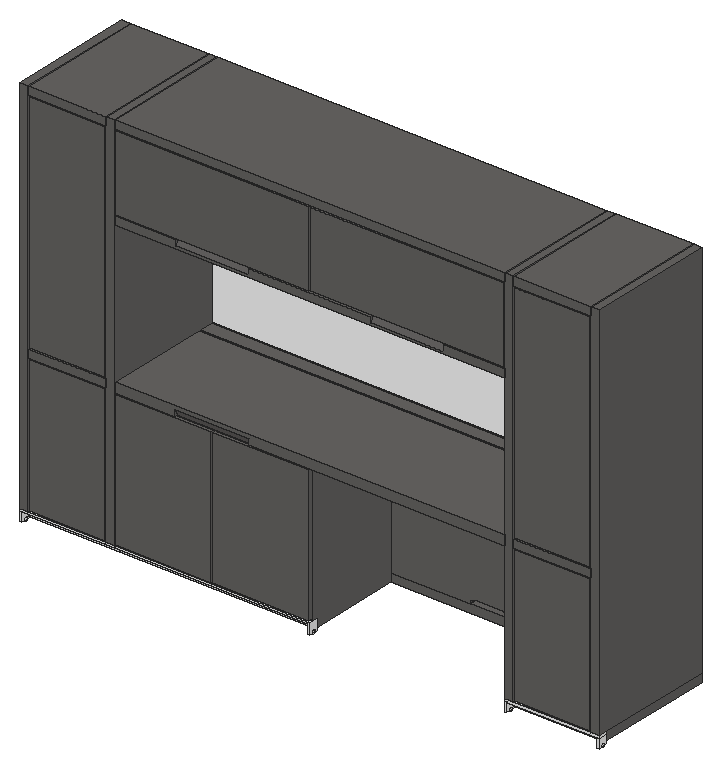
Revit family "Storage-Wall-Teknion-ZXSO_74_High_Without_Lights-R2011", category Furniture Systems, Revit 2013
Parameters (values of type "(See Type Catalog)")
  Working Wall Finish [instance] = Glass - Teknion - K6 - White Backpainted
  Width = 108 105/128"
  Warranty = "http://www.teknionstudio.com/pdfs/Teknion%20Studio%20Warranty.pdf"
  Wall Unit Finish [instance] = Veneer - Teknion - P7 - Grey Oak
  Unit Weight = 740.00 lbf
  URL = "www.teknionstudio.com"
  Tabletop Cutout Offset = if(Has Double Doors, 0", 4")  # 0"
  Right Storage Tower = Storage-Unit-Teknion-Tower : Upper Wardrobe & Lower Door
  Left Storage Tower = Storage-Unit-Teknion-Tower : Upper Wardrobe & Lower Door
  Series = "B&B Italia"
  Product Page URL = "http://www.teknionstudio.com/acexecutive/"
  Product Line = "AC Executive"
  Product Documentation Link = "http://www.teknionstudio.com/pricing/ac_executive_storage_walls_ppg.pdf"
  Part Number = "ZXSO"
  Model = ""
  Manufacturer Phone = "919-464-2920"
  Manufacturer Fax = "919-464-2927"
  Manufacturer Email = "customersupport@teknionstudio.com"
  Manufacturer Address = "3940 US 70 Business HWY West, Clayton, NC 27520"
  Manufacturer = "Teknion Studio"  # constant formula
  Low Emitting Material = yes
  Low Emitting Finish = yes
  Height = 73.81394"
  Has File File Drawers = not(Has Double Doors)  # no
  Has Double Doors = yes
  Description = ""
  Depth = 24"
  Assembly Code = "E2020200"
Reference planes (in)
  plane 1 "Center F/B": y = 0
  plane 2: z = 0
  plane 3 "Back": y = 12
  plane 4 "Front": y = -12
  plane 5 "Top": z = 73.81394
  plane 6: x = 28.60504
  plane 7: z = 29.68402
  plane 8: z = 56.1289
  plane 9: x = -44.78207
  plane 10: z = 2.1289
  plane 11 "Center L/R": x = -8.08858
  plane 12 "Foot Centerline": y = -11.2126
  plane 13 "Tabletop Cutout": y = -12
  plane 14 "Foot Centerline Front": y = -10.22835
  plane 15 "Foot Centerline Back": y = 10.22835
  plane 16: y = -8.484
  plane 17 "Left": x = -62.49874
  plane 18 "Right": x = 46.32157
Forms (in)
  Sweep 1, solid, material "Metal - Teknion - C6 - Chrome"
    path origin (0, 0, 0) x (1, 0, 0) y (0, 0, 1)
      loop
        line (-44.78207, 2.1289) -> (-8.08858, 2.1289) -> (-8.08858, 0.05803)
    profile origin (-26.43533, 0, 2.1289) x (0, 0, 1) y (0, -1, 0)
      loop
        line (0, 12) -> (-0.394, 12) -> (-0.394, 10.4252) -> (0, 10.4252) -> (0, 12)
  Sweep 2, solid, material "Metal - Teknion - C6 - Chrome"
    path origin (0, 0, 0) x (1, 0, 0) y (0, 0, 1)
      loop
        line (-44.78207, 2.1289) -> (-8.08858, 2.1289)
    profile origin (-26.43533, 0, 2.1289) x (0, 0, 1) y (0, -1, 0)
      loop
        line (-0.394, 10.6222) -> (-1.5748, 10.6222) -> (-1.5748, 10.4252) -> (-0.394, 10.4252) -> (-0.394, 10.6222)
  Revolve 3, solid, material "Metal - Teknion - C6 - Chrome"
    sketch origin (0.39385, -11.2126, 0) x (0, 0, -1) y (1, 0, 0)
      loop
        line (-0.4911, -8.67943) -> (0, -8.67943) -> (0, -8.34479) -> (-0.03937, -8.30542) -> (-0.20618, -8.30542) -> (-0.24555, -8.34479) -> (-0.28492, -8.30542) -> (-0.45173, -8.30542) -> (-0.4911, -8.34479) -> (-0.4911, -8.67943)
      axis (0, -8.67943) -> (-0.4911, -8.67943)
    angle from 0 to 360
  Sweep 4, solid, material "Veneer - Teknion - P7 - Grey Oak" <- "Wall Unit Finish"
    path origin (0, 0, 0) x (1, 0, 0) y (0, 0, 1)
      loop
        line (-44.78207, 29.68402) -> (28.60504, 29.68402)
    profile origin (-8.08852, 0, 29.68402) x (0, 0, 1) y (0, -1, 0)
      loop
        line (0, 12) -> (-1.7638, 12) -> (-1.7638, -7.11393) -> (-5.30827, -7.11393) -> (-5.30827, -7.08268) -> (-27.55512, -7.08268) -> (-27.55512, -7.11393) -> (-29.0945, -7.11393) -> (-29.0945, -12) -> (-27.55512, -12) -> (-27.55512, -7.80668) -> (-5.30828, -7.80668) -> (-5.30828, -12) -> (44.12992, -12) -> (44.12992, 12) -> (42.59022, 12) -> (42.59022, 11.2126) -> (27.98392, 11.2126) -> (27.98392, 12) -> (26.44488, 12) -> (26.44488, -10.94094) -> (0, -10.94094) -> (0, -10.90969) -> (-0.72441, -10.90969) -> (-0.72441, -10.56693) -> (0, -10.56693) -> (0, -8.05709) -> (-0.72441, -8.05709) -> (-0.72441, -7.80709) -> (0, -7.80709) -> (0, 12)
  Sweep 5, solid, material "Veneer - Teknion - P7 - Grey Oak" <- "Wall Unit Finish"
    path origin (0, 0, 0) x (1, 0, 0) y (0, 0, 1)
      loop
        line (-44.78207, 29.68402) -> (-8.08858, 29.68402)
    profile origin (-26.43533, 0, 29.68402) x (0, 0, 1) y (0, -1, 0)
      loop
        line (-1.7638, 11.27559) -> (-27.55512, 11.27559) -> (-27.55512, 10.4252) -> (-29.0945, 10.4252) -> (-29.0945, -12) -> (-1.7638, -12) -> (-1.7638, 11.27559)
  Sweep 6, solid, material "Veneer - Teknion - P7 - Grey Oak" <- "Wall Unit Finish"
    path origin (0, 0, 15.40683) x (-1, 0, 0) y (0, -1, 0)
      loop
        line (16.17717, 12) -> (16.17717, 11.276)
    profile origin (-16.17717, -11.638, 15.40683) x (-1, 0, 0) y (0, 0, 1)
      loop
        line (28.35376, 42.5111) -> (28.35376, 56.6174) -> (-7.96416, 56.6174) -> (-7.96416, 42.5111) -> (28.35376, 42.5111)
      loop
        line (-8.21416, 56.6174) -> (-44.5322, 56.6174) -> (-44.5322, 42.5111) -> (-8.21416, 42.5111) -> (-8.21416, 56.6174)
  Sweep 7, solid, material "Veneer - Teknion - P7 - Grey Oak" <- "Wall Unit Finish", visible <- "Has Double Doors"
    path origin (0, 0, 15.40683) x (-1, 0, 0) y (0, -1, 0)
      loop
        line (16.17717, 12) -> (16.17717, 11.276)
    profile origin (-16.17717, -11.638, 15.40683) x (-1, 0, 0) y (0, 0, 1)
      loop
        line (-7.83788, 12.26339) -> (-7.83788, -13.03482) -> (10.15331, -13.03482) -> (10.15331, 12.26339) -> (-7.83788, 12.26339)
      loop
        line (10.40331, 12.26339) -> (10.40331, -13.03482) -> (28.35504, -13.03482) -> (28.35504, 12.26339) -> (10.40331, 12.26339)
  Sweep 8, solid, material "Veneer - Teknion - P7 - Grey Oak" <- "Wall Unit Finish", visible <- "Has File File Drawers"
    path origin (0, 0, 15.40683) x (-1, 0, 0) y (0, -1, 0)
      loop
        line (16.17717, 12) -> (16.17717, 11.276)
    profile origin (-16.17717, -11.638, 15.40683) x (-1, 0, 0) y (0, 0, 1)
      loop
        line (-7.83801, 12.26339) -> (-7.83801, 0.01144) -> (28.3549, 0.01144) -> (28.3549, 12.26339) -> (-7.83801, 12.26339)
      loop
        line (28.3549, -0.77597) -> (-7.83801, -0.77597) -> (-7.83801, -13.03482) -> (28.3549, -13.03482) -> (28.3549, -0.77597)
  Sweep 9, void
    path origin (0, 0, 0) x (1, 0, 0) y (0, 0, 1)
      loop
        line (-33.34466, 29.68402) -> (-19.56514, 29.68402)
    profile origin (-26.4549, 0, 29.68402) x (0, 0, 1) y (0, -1, 0)
      loop
        line (-1.7638, 12) -> (-1.7638, 11.52756) -> (-0.66143, 12) -> (-1.7638, 12)
  Sweep 10, void
    path origin (0, 0, 0) x (1, 0, 0) y (0, 0, 1)
      loop
        line (-33.3248, 56.1289) -> (-19.54528, 56.1289)
    profile origin (-26.43504, 0, 56.1289) x (0, 0, 1) y (0, -1, 0)
      loop
        line (1.53937, 12) -> (0.43699, 12) -> (1.53937, 11.52755) -> (1.53937, 12)
  Sweep 11, void
    path origin (0, 0, 0) x (1, 0, 0) y (0, 0, 1)
      loop
        line (3.36811, 56.1289) -> (17.14764, 56.1289)
    profile origin (10.25787, 0, 56.1289) x (0, 0, 1) y (0, -1, 0)
      loop
        line (1.53937, 11.52755) -> (1.53937, 12) -> (0.43699, 12) -> (1.53937, 11.52755)
  Sweep 12, void
    path origin (0, 0, 15.40683) x (-1, 0, 0) y (0, -1, 0)
      loop
        line (0, -7.80668) -> (0, -7.08268)
    profile origin (0, 7.44468, 15.40683) x (1, 0, 0) y (0, 0, 1)
      loop
        line (6.83338, 8.96892) -> (6.83338, 8.10396)
        arc (6.83338, 8.10396) -> (7.06401, 7.54718) -> (7.62079, 7.31655) r 0.7874
        line (7.62079, 7.31655) -> (12.93575, 7.31655)
        arc (12.93575, 7.31655) -> (13.49252, 7.54718) -> (13.72315, 8.10396) r 0.7874
        line (13.72315, 8.10396) -> (13.72315, 8.96892) -> (6.83338, 8.96892)
      loop
        line (13.72315, -13.27793) -> (13.72315, -13.12045)
        arc (13.72315, -13.12045) -> (13.50406, -12.59152) -> (12.97512, -12.37242) r 0.74803
        line (12.97512, -12.37242) -> (7.58142, -12.37242)
        arc (7.58142, -12.37242) -> (7.05248, -12.59152) -> (6.83338, -13.12045) r 0.74803
        line (6.83338, -13.12045) -> (6.83338, -13.27793) -> (13.72315, -13.27793)
Cuts and joins
  joined: Sweep 1, Sweep 2, Revolve 3
  Sweep 9, Sweep 10, Sweep 11, Sweep 12 cuts Sweep 4
  joined: Sweep 4, Sweep 5
Lines and regions (in)
  Masking region 1
    outline origin (0, 0, 15.40683) x (-1, 0, 0) y (0, -1, 0)
      loop
        line (44.78207, -12) -> (44.78207, 12) -> (-28.60504, 12) -> (-28.60504, -12) -> (44.78207, -12)
  symbolic lines, style "Elevation Swing"
    curve 1: line (-44.78207, -12, 57.66827) -> (-26.43533, -12, 72.02424)
    curve 2: line (-8.08858, -12, 57.66832) -> (-26.43533, -12, 72.02424)
    curve 3: line (-8.08858, 0, 57.66832) -> (10.25823, 0, 72.19583)
    curve 4: line (10.25823, 0, 72.19583) -> (28.60504, 0, 57.66827)
  symbolic lines, style "Elevation Swing", visible <- "Has Double Doors"
    curve 5: line (-26.58047, 0, 27.67022) -> (-44.5322, 0, 15.02111)
    curve 6: line (-44.5322, 0, 15.02111) -> (-26.58047, 0, 2.37201)
    curve 7: line (-26.33047, 0, 2.37201) -> (-8.33929, 0, 15.02456)
    curve 8: line (-8.33929, 0, 15.02456) -> (-26.33047, 0, 27.67022)
  symbolic lines, detail levels medium+fine
    curve 9: line (-44.78207, 12, 15.40683) -> (-44.78207, -12, 15.40683)
  symbolic lines, style "FurnitureSystemsHiddenLines", detail levels fine
    curve 10: line (-8.08858, -11.276, 15.40683) -> (-44.78207, -11.276, 15.40683)
    curve 15: line (-8.08858, 12, 15.40683) -> (-8.08858, -12, 15.40683)
  symbolic lines, visible <- "Has Double Doors"
    curve 11: arc (-26.43526, -12, 15.40683) -> (-21.06164, -24.97306, 15.40683) -> (-8.08858, -30.34668, 15.40683) r 18.34668
    curve 12: line (-44.78207, -12, 15.40683) -> (-44.78207, -30.34681, 15.40683)
    curve 13: line (-8.08858, -12, 15.40683) -> (-8.08858, -30.34668, 15.40683)
    curve 14: arc (-44.78207, -30.34681, 15.40683) -> (-31.80892, -24.97315, 15.40683) -> (-26.43526, -12, 15.40683) r 18.34681
Dimensions and locks (in)
  equal spacing: plane 3 "Back", plane 1 "Center F/B", plane 4 "Front"
  "Depth": plane 3 "Back" to plane 4 "Front"
  "Height": plane 5 "Top" to plane 2
  locked: plane 7 to plane 2 at 29.68402
  locked: plane 8 to plane 7 at 26.44488
  locked: plane 10 to plane 2 at 2.1289
  locked: plane 10 to Sweep 2 sketch curve at 0.394
  locked: Sweep 2 sketch curve to Sweep 2 sketch curve at 1.1808
  plane 4 "Front" to Sweep 2 sketch curve to Sweep 2 sketch curve = 1.3778" locked, 0.197" locked
  locked: plane 4 "Front" to plane 12 "Foot Centerline" at 0.7874
  locked: plane 10 to Sweep 4 sketch curve at 1.53939
  locked: plane 7 to Sweep 4 sketch curve at 1.7638
  Sweep 5 sketch curve to Sweep 5 sketch curve to plane 3 "Back" = 23.27559", 0"
  locked: plane 7 to Sweep 5 sketch curve at 1.7638
  locked: plane 4 "Front" to Sweep 5 sketch curve at 1.5748
  locked: plane 4 "Front" to Sweep 6 sketch curve at 0.724
  plane 5 "Top" to Sweep 6 sketch curve to Sweep 6 sketch curve = 1.7897" locked, 14.1063" locked  (x2)
  Sweep 6 sketch curve to Sweep 6 sketch curve to Sweep 6 sketch curve to Sweep 6 sketch curve = 36.31805", 1/4", 36.31791"
  locked: plane 4 "Front" to Sweep 7 sketch curve at 0.724
  locked: plane 4 "Front" to Sweep 8 sketch curve at 0.724
  locked: Sweep 9 sketch curve to Sweep 9 sketch curve at 13.77953
  locked: plane 7 to Sweep 9 sketch curve at 1.7638
  locked: plane 13 "Tabletop Cutout" to Sweep 9 sketch curve at 0.47244
  "Tabletop Cutout Offset": plane 13 "Tabletop Cutout" to plane 4 "Front"
  locked: Sweep 10 sketch curve to Sweep 10 sketch curve at 13.77953
  locked: Sweep 10 sketch curve to plane 8 at 1.53937
  locked: Sweep 10 sketch curve to plane 8 at 0.43699
  locked: plane 4 "Front" to Sweep 10 sketch curve at 0.47245
  Sweep 11 sketch curve to Sweep 11 sketch curve to plane 8 = 1.10238" locked, 0.43699" locked
  locked: plane 4 "Front" to Sweep 11 sketch curve at 0.47245
  plane 3 "Back" to Sweep 12 sketch curve to Sweep 12 sketch curve = 4.19332" locked, 0.724" locked
  equal spacing: plane 11 "Center L/R", curve 2, plane 9
  equal spacing: plane 6, curve 4, plane 11 "Center L/R"
  locked: plane 4 "Front" to curve 10 at 0.724
  locked: plane 3 "Back" to plane 15 "Foot Centerline Back" at 1.77165
  locked: plane 4 "Front" to plane 14 "Foot Centerline Front" at 1.77165
  locked: plane 4 "Front" to plane 16 at 3.516
  locked: plane 17 "Left" to plane 9 at 17.71667
  locked: Sweep 7 sketch curve to Sweep 7 sketch curve at 25.29821  (x2)
  Sweep 7 sketch curve to Sweep 7 sketch curve to Sweep 7 sketch curve to Sweep 7 sketch curve = 17.95173" locked, 1/4" locked, 17.99118" locked
  Sweep 8 sketch curve to Sweep 8 sketch curve to Sweep 8 sketch curve to Sweep 8 sketch curve = 12.25195" locked, 0.7874" locked, 12.25886" locked
  locked: Sweep 8 sketch curve to Sweep 8 sketch curve at 36.19291  (x2)
  curve 12 to curve 14 to plane 11 "Center L/R" = 18.34681" locked, 18.34668" locked
  locked: Sweep 12 sketch curve to Sweep 12 sketch curve at 6.88976  (x2)
  locked: Sweep 12 sketch curve to Sweep 12 sketch curve at 1.65236
  locked: plane 11 "Center L/R" to Sweep 9 sketch curve at 11.47655
  locked: plane 11 "Center L/R" to Sweep 10 sketch curve at 11.45669
  Sweep 11 sketch curve to Sweep 11 sketch curve to plane 11 "Center L/R" = 13.77953" locked, 11.45669" locked
  locked: plane 11 "Center L/R" to Sweep 12 sketch curve at 14.92197
  locked: Sweep 12 sketch curve to plane 11 "Center L/R" at 14.92197
  locked: Sweep 8 sketch curve to plane 11 "Center L/R" at 0.25057
  locked: plane 11 "Center L/R" to Sweep 8 sketch curve at 0.25057
  locked: plane 7 to Sweep 8 sketch curve at 2.0138
  locked: plane 11 "Center L/R" to Sweep 7 sketch curve at 0.25071
  locked: plane 7 to Sweep 7 sketch curve at 2.0138  (x2)
  locked: Sweep 6 sketch curve to plane 6 at 0.25
  locked: plane 6 to plane 18 "Right" at 17.71654
  "Width": plane 17 "Left" to plane 18 "Right"
  equal spacing: plane 17 "Left", plane 11 "Center L/R", plane 18 "Right"
  locked: Sweep 12 sketch curve to plane 10 at 0.90551
  locked: plane 7 to Sweep 12 sketch curve at 5.30827
  Revolve 3 sketch curve to Revolve 3 sketch curve to Revolve 3 sketch curve to Revolve 3 sketch curve to Revolve 3 sketch curve to plane 2 = 0.16681" locked, 0.03937" locked, 0.03937" locked, 0.16681" locked, 0.03937" locked
  Revolve 3 sketch curve to Revolve 3 sketch curve to plane 11 "Center L/R" to Revolve 3 sketch curve = 0" locked, 0.17702" locked, 0.197" locked
  aligned and locked: level to plane 2
  aligned and locked: Sweep 1 sketch curve to plane 10  (x2)
  aligned and locked: Sweep 1 sketch curve to plane 4 "Front"
  aligned and locked: Sweep 2 sketch curve to plane 10
  aligned and locked: plane 9 to Sweep 4 sketch curve
  aligned and locked: plane 6 to Sweep 4 sketch curve
  aligned and locked: Sweep 4 sketch curve to plane 7  (x4)
  aligned and locked: Sweep 4 sketch curve to plane 4 "Front"
  aligned and locked: plane 3 "Back" to Sweep 4 sketch curve
  aligned and locked: Sweep 5 sketch curve to plane 7
  aligned and locked: plane 10 to Sweep 5 sketch curve
  aligned and locked: plane 4 "Front" to Sweep 6 sketch curve
  aligned and locked: Sweep 4 sketch curve to plane 8
  aligned and locked: plane 4 "Front" to Sweep 7 sketch curve
  aligned and locked: plane 4 "Front" to Sweep 8 sketch curve
  aligned and locked: Sweep 9 sketch curve to plane 7
  aligned and locked: plane 13 "Tabletop Cutout" to Sweep 9 sketch curve
  aligned and locked: Sweep 10 sketch curve to plane 8
  aligned and locked: Sweep 11 sketch curve to plane 8
  aligned and locked: Sweep 11 sketch curve to plane 4 "Front"
  aligned and locked: plane 9 to curve 1
  aligned and locked: plane 11 "Center L/R" to curve 2
  aligned and locked: Sweep 6 to curve 2
  aligned and locked: plane 6 to curve 4
  aligned and locked: Masking region 1 sketch curve to plane 3 "Back"
  aligned and locked: Masking region 1 sketch curve to plane 4 "Front"
  aligned and locked: plane 3 "Back" to curve 9
  aligned and locked: plane 4 "Front" to curve 9
  aligned and locked: plane 3 "Back" to curve 15
  aligned and locked: plane 4 "Front" to curve 15
  aligned and locked: plane 4 "Front" to Sweep 10 sketch curve
  aligned and locked: Sweep 4 sketch curve to plane 5 "Top"
  aligned and locked: plane 12 "Foot Centerline" to Sweep 4 sketch curve
  aligned and locked: plane 4 "Front" to Sweep 4 sketch curve  (x2)
  aligned and locked: plane 4 "Front" to curve 14
  aligned and locked: plane 10 to Sweep 12 sketch curve
  aligned and locked: plane 9 to Masking region 1 sketch curve
  aligned and locked: plane 1 "Center F/B" to Sweep 5 sketch curve
  aligned: plane 11 "Center L/R" to Sweep 5 sketch curve
  aligned: plane 6 to Sweep 5 sketch curve
  aligned and locked: nested 1 to plane 2
  aligned and locked: Sweep 7 to curve 7
  aligned and locked: curve 6 to Sweep 7
  aligned and locked: curve 8 to Sweep 7
  aligned and locked: Sweep 7 to curve 5
  aligned and locked: Sweep 7 to Sweep 7
  aligned and locked: Sweep 7 to curve 6  (x2)
  aligned and locked: curve 7 to Sweep 7
  aligned and locked: Sweep 7 to curve 8
  aligned and locked: plane 9 to nested 1
  aligned and locked: nested 1 to plane 1 "Center F/B"
  aligned and locked: Masking region 1 sketch curve to plane 6
  aligned and locked: plane 1 "Center F/B" to nested 2
  aligned and locked: nested 2 to plane 6
  aligned and locked: plane 2 to nested 2
  aligned and locked: plane 9 to Sweep 1 sketch curve
  aligned and locked: Sweep 1 sketch curve to plane 11 "Center L/R"
  aligned and locked: plane 9 to Sweep 2 sketch curve
  aligned and locked: Revolve 3 sketch curve to Revolve 3 sketch curve
  aligned and locked: plane 2 to Revolve 3 sketch curve
  aligned and locked: plane 9 to Sweep 5 sketch curve
  aligned and locked: plane 11 "Center L/R" to Sweep 5 sketch curve
  aligned and locked: Sweep 4 sketch curve to plane 3 "Back"
  aligned and locked: Sweep 4 sketch curve to plane 10
Automatic sketch dimensions
  curve 11 to plane 6 = 36.69362"
  curve 11 to curve 14 = 0"
  plane 8 to curve 2 = 1.53942"
  plane 8 to curve 1 = 1.53937"
  profile plane to Sweep 1 sketch curve = 0.394"
  Sweep 1 sketch curve to Sweep 1 sketch curve = 1.5748"
  Sweep 5 sketch curve to plane 11 "Center L/R" = 36.69349"
  Sweep 5 sketch curve to plane 6 = 36.69362"
  Sweep 5 sketch curve to Sweep 5 sketch curve = 1.53939"
  profile plane to Sweep 9 sketch curve = 0.66143"
  profile plane to Sweep 12 sketch curve = 8.96892"
  Sweep 12 sketch curve to Sweep 12 sketch curve = 0.74803"  (x2)
  Sweep 12 sketch curve to Sweep 12 sketch curve = 0.7874"  (x2)
  Sweep 12 sketch curve to Sweep 12 sketch curve = 0.15748"
  plane 11 "Center L/R" to Sweep 12 sketch curve = 8.08858"
  curve 3 to plane 11 "Center L/R" = 0"
  curve 8 to plane 6 = 36.94433"
  curve 8 to curve 5 = 0"
  plane 10 to curve 8 = 12.89566"
  plane 10 to curve 6 = 12.89222"
  plane 8 to curve 4 = 1.53937"
  plane 8 to curve 3 = 1.53942"
  curve 3 to plane 5 "Top" = 1.61811"
  level to Sweep 1 sketch curve = 0.05803"
  Sweep 2 sketch curve to plane 11 "Center L/R" = 0"
  Revolve 3 sketch curve to level = 0"
  plane 11 "Center L/R" to Revolve 3 sketch curve = 0.13765"
  Revolve 3 sketch curve to Revolve 3 sketch curve = 0.03937"  (x2)
  Revolve 3 sketch curve to Revolve 3 sketch curve = 0.4777"
  Sweep 6 sketch curve to plane 11 "Center L/R" = 8.08858"
  Sweep 7 sketch curve to plane 11 "Center L/R" = 8.08858"
  Sweep 8 sketch curve to plane 11 "Center L/R" = 8.08858"
  Sweep 4 sketch curve to Sweep 4 sketch curve = 0"  (x2)
  profile plane to Sweep 4 sketch curve = 5.30828"
  profile plane to Sweep 4 sketch curve = 0.72441"  (x2)
  Sweep 4 sketch curve to Sweep 4 sketch curve = 1.53904"
  Sweep 4 sketch curve to Sweep 4 sketch curve = 1.5397"
  Sweep 4 sketch curve to Sweep 4 sketch curve = 1.05906"
  Sweep 4 sketch curve to Sweep 4 sketch curve = 1/32"  (x2)
  Sweep 4 sketch curve to Sweep 4 sketch curve = 0.34277"
  Sweep 4 sketch curve to Sweep 4 sketch curve = 2.50984"
  Sweep 4 sketch curve to Sweep 4 sketch curve = 1/4"
  Sweep 4 sketch curve to Sweep 4 sketch curve = 4.19332"
  Sweep 4 sketch curve to Sweep 4 sketch curve = 4.88607"
  Sweep 4 sketch curve to Sweep 4 sketch curve = 0.69316"
Nested families (in)
  nested 1: "Storage-Unit-Teknion-Tower" at (-53.64034, 0, 0) x (-1, 0, 0) z (0, 0, 1), type <- "Left Storage Tower", Height <- "Height", type "Upper Wardrobe & Lower Door"
    with Height 73.81394", Has Top Shelf no, Has Right Leg yes, Has Left Leg no, Bottom Drawer Height 26.016"
  nested 2: "Storage-Unit-Teknion-Tower" at (37.46331, 0, 0), type <- "Right Storage Tower", Height <- "Height", type "Upper Wardrobe & Lower Door"
    with Height 73.81394", Has Top Shelf no, Has Right Leg yes, Has Left Leg yes, Bottom Drawer Height 26.016"
Definition of nested family "Storage-Unit-Teknion-Tower"
  Parameters (values of type "Upper Wardrobe & Lower Door")
    Width = 17.71654"
    Warranty = "http://www.teknionstudio.com/pdfs/Teknion%20Studio%20Warranty.pdf"
    Wall Unit Finish = Veneer - Teknion - P8 - Light Brushed Oak
    URL = "www.teknionstudio.com"
    Series = "B&B Italia"  # constant formula
    Product Line = "AC Executive"  # constant formula
    Model = ""
    Middle Drawer Height = if(Has Top Drawer, 6.425", 12.719")  # 12.719"
    Manufacturer Phone = "919-464-2920"
    Manufacturer Fax = "919-464-2927"
    Manufacturer Email = "customersupport@teknionstudio.com"
    Manufacturer Address = "3940 US 70 Business HWY West, Clayton, NC 27520"
    Manufacturer = "Teknion Studio"  # constant formula
    Height [instance] = 73.81394"
    Has Top Shelf [instance] = and(Height > 75", Has Shelves)  # no
    Has Top Drawer = no
    Has Top Door = yes
    Has Shelves = no
    Has Right Leg [instance] = yes
    Has Middle Drawer = no
    Has Lower Shelf = yes
    Has Left Leg [instance] = no
    Has Full Wardrobe Door = no
    Has Doors = yes
    Door Projection Symbol = yes
    Description = "Tower Storage Unit"
    Depth = 24"
    Bottom Drawer Height [instance] = if(Has Middle Drawer, 13.047", if(Has Top Drawer, 13.047", if(Has Full Wardrobe Door, (Height - 3.668"), 26.016")))  # 26.016"
    Assembly Code = "E2010200"
  Types (7): name | Middle Drawer Height | Has Top Drawer | Has Top Door | Has Shelves | Has Middle Drawer | Has Lower Shelf | Has Full Wardrobe Door | Has Doors | Door Projection Symbol | Bottom Drawer Height
    Upper Shelves & Lower Door | 12.719" | no | no | yes | no | yes | no | yes | yes | 26.016"
    Upper Shelves & File/File Pedestal | 12.719" | no | no | yes | yes | yes | no | no | no | 13.047"
    Upper Shelves & Box/Box/File Pedestal | 6.425" | yes | no | yes | yes | yes | yes | no | no | 13.047"
    Full Wardrobe | 12.719" | no | no | no | no | no | yes | yes | yes | 70.14594"
    Upper Wardrobe & Lower Door | 12.719" | no | yes | no | no | yes | no | yes | yes | 26.016"
    Upper Wardrobe & File/File Pedestal | 12.719" | no | yes | no | yes | yes | no | no | yes | 13.047"
    Upper Wardrobe & Box/Box/File Pedestal | 6.425" | yes | yes | no | yes | yes | no | no | yes | 13.047"
  Reference planes (in)
    plane 1 "Center F/B": y = 0
    plane 2: z = 0
    plane 3 "Center L/R": x = 0
    plane 4 "Left": x = -8.85827
    plane 5 "Right": x = 8.85827
    plane 6 "Back": y = 12
    plane 7 "Front": y = -12
    plane 8 "Top": z = 73.81394
    plane 9: x = -7.3189
    plane 10: x = 7.3189
    plane 11: z = 2.1289
    plane 12 "Foot Centerline": y = -11.2126
    plane 13: z = 29.68402
    plane 14 "Drawer 1 Top": z = 28.1449
    plane 15 "Drawer 2 Top": z = 40.8639
    plane 16 "Drawer 3 Top": z = 27.89502
    plane 17: z = 42.13677
  Forms (in)
    Sweep 1, solid, material "Metal - Teknion - C6 - Chrome", visible <- "Has Left Leg"
      path origin (0, -12, 0) x (1, 0, 0) y (0, 0, 1)
        loop
          line (-8.85827, 1.7349) -> (-8.85827, 0.05803)
      profile origin (-8.85827, -12, 0.89646) x (0, -1, 0) y (1, 0, 0)
        loop
          line (-1.5748, 0) -> (0, 0) -> (0, 0.394) -> (-1.5748, 0.394) -> (-1.5748, 0)
    Sweep 2, solid, material "Metal - Teknion - C6 - Chrome"
      path origin (0, -12, 0) x (1, 0, 0) y (0, 0, 1)
        loop
          line (-8.85827, 2.1289) -> (8.46427, 2.1289)
      profile origin (-0.197, -12, 2.1289) x (0, 0, 1) y (0, -1, 0)
        loop
          line (-0.394, -1.5748) -> (-0.394, -1.3778) -> (-1.575, -1.3778) -> (-1.575, -1.5748) -> (-0.394, -1.5748)
    Revolve 3, solid, material "Metal - Teknion - C6 - Chrome"
      sketch origin (0, -11.2126, 0) x (0, 0, -1) y (1, 0, 0)
        loop
          line (-0.4911, 8.32677) -> (-0.45173, 8.2874) -> (-0.28492, 8.2874) -> (-0.24555, 8.32677) -> (-0.20618, 8.2874) -> (-0.03937, 8.2874) -> (0, 8.32677) -> (0, 8.66142) -> (-0.4911, 8.66142) -> (-0.4911, 8.32677)
        axis (0, 8.66142) -> (-0.4911, 8.66142)
      angle from 0 to 360
    Revolve 4, solid, material "Metal - Teknion - C6 - Chrome", visible <- "Has Left Leg"
      sketch origin (0, -11.2126, 0) x (0, 0, -1) y (1, 0, 0)
        loop
          line (0, -8.99606) -> (0, -8.66142) -> (-0.4911, -8.66142) -> (-0.4911, -8.99606) -> (-0.45173, -9.03543) -> (-0.28492, -9.03543) -> (-0.24555, -8.99606) -> (-0.20618, -9.03543) -> (-0.03937, -9.03543) -> (0, -8.99606)
        axis (0, -8.66142) -> (-0.4911, -8.66142)
      angle from 0 to 360
    Sweep 5, solid, material "Veneer - Teknion - P8 - Light Brushed Oak" <- "Wall Unit Finish"
      path origin (0, 0, 0) x (1, 0, 0) y (0, 0, 1)
        loop
          line (0, 2.1289) -> (0, 73.81394)
      profile origin (0, 0, 37.97142) x (-1, 0, 0) y (0, -1, 0)
        loop
          line (8.85827, -12) -> (8.85827, 12) -> (7.3189, 12) -> (7.3189, -12) -> (8.85827, -12)
        loop
          line (-7.3189, 12) -> (-8.85827, 12) -> (-8.85827, -12) -> (-7.3189, -12) -> (-7.3189, 12)
    Sweep 6, solid, material "Veneer - Teknion - P8 - Light Brushed Oak" <- "Wall Unit Finish"
      path origin (0, 0, 15.40683) x (-1, 0, 0) y (0, -1, 0)
        loop
          line (0, -12) -> (0, 12)
      profile origin (0, 0, 15.40683) x (1, 0, 0) y (0, 0, 1)
        loop
          line (-7.3189, 58.4071) -> (-7.3189, 56.86773) -> (7.3189, 56.86773) -> (7.3189, 58.4071) -> (-7.3189, 58.4071)
    Sweep 7, solid, material "Veneer - Teknion - P8 - Light Brushed Oak" <- "Wall Unit Finish"
      path origin (0, -12, 0) x (1, 0, 0) y (0, 0, 1)
        loop
          line (0, 2.1289) -> (0, 72.27457)
      profile origin (0, -12, 37.20173) x (-1, 0, 0) y (0, -1, 0)
        loop
          line (7.3189, -24) -> (7.3189, -23.25) -> (-7.3189, -23.25) -> (-7.3189, -24) -> (7.3189, -24)
    Sweep 8, solid, material "Veneer - Teknion - P8 - Light Brushed Oak" <- "Wall Unit Finish", visible <- "Has Lower Shelf"
      path origin (0, -12, 0) x (1, 0, 0) y (0, 0, 1)
        loop
          line (-7.3189, 29.68402) -> (7.3189, 29.68402)
      profile origin (0, -12, 29.68402) x (0, 0, 1) y (0, -1, 0)
        loop
          line (0, 0) -> (-1.539, 0) -> (-1.539, -0.724) -> (-27.55512, -0.724) -> (-27.55512, -23.25) -> (0, -23.25) -> (0, 0)
    Sweep 9, solid, material "Veneer - Teknion - P8 - Light Brushed Oak" <- "Wall Unit Finish"
      path origin (0, -12, 0) x (1, 0, 0) y (0, 0, 1)
        loop
          line (0, 2.3789) -> (0, 27.8949)
      profile origin (0, -12, 15.1369) x (-1, 0, 0) y (0, -1, 0)
        loop
          line (7.0689, -0.724) -> (7.0689, 0) -> (-7.0689, 0) -> (-7.0689, -0.724) -> (7.0689, -0.724)
    Sweep 10, solid, material "Veneer - Teknion - P8 - Light Brushed Oak" <- "Wall Unit Finish", visible <- "Has Middle Drawer"
      path origin (0, -12, 0) x (1, 0, 0) y (0, 0, 1)
        loop
          line (0, 28.1449) -> (0, 40.8639)
      profile origin (0, -12, 34.5044) x (-1, 0, 0) y (0, -1, 0)
        loop
          line (7.0689, -0.724) -> (7.0689, 0) -> (-7.0689, 0) -> (-7.0689, -0.724) -> (7.0689, -0.724)
    Sweep 11, solid, material "Veneer - Teknion - P8 - Light Brushed Oak" <- "Wall Unit Finish", visible <- "Has Top Drawer"
      path origin (0, -12, 0) x (1, 0, 0) y (0, 0, 1)
        loop
          line (0, 47.15802) -> (0, 41.1139)
      profile origin (0, -12, 44.13596) x (0, -1, 0) y (1, 0, 0)
        loop
          line (0, 7.0689) -> (-0.724, 7.0689) -> (-0.724, -7.0689) -> (0, -7.0689) -> (0, 7.0689)
    Sweep 12, solid, material "Veneer - Teknion - P8 - Light Brushed Oak" <- "Wall Unit Finish", visible <- "Has Shelves"
      path origin (0, -12, 0) x (1, 0, 0) y (0, 0, 1)
        loop
          line (0, 42.13677) -> (0, 43.67614)
      profile origin (0, -12, 42.90646) x (-1, 0, 0) y (0, -1, 0)
        loop
          line (7.3189, -23.25) -> (7.3189, 0) -> (-7.3189, 0) -> (-7.3189, -23.25) -> (7.3189, -23.25)
    Sweep 13, solid, material "Veneer - Teknion - P8 - Light Brushed Oak" <- "Wall Unit Finish", visible <- "Has Shelves"
      path origin (0, -12, 13.9918) x (1, 0, 0) y (0, 0, 1)
        loop
          line (0, 42.13677) -> (0, 43.67614)
      profile origin (0, -12, 56.89825) x (-1, 0, 0) y (0, -1, 0)
        loop
          line (7.3189, -23.25) -> (7.3189, 0) -> (-7.3189, 0) -> (-7.3189, -23.25) -> (7.3189, -23.25)
    Sweep 14, solid, material "Veneer - Teknion - P8 - Light Brushed Oak" <- "Wall Unit Finish", visible <- "Has Top Door"
      path origin (0, -12, 0) x (1, 0, 0) y (0, 0, 1)
        loop
          line (0, 29.93402) -> (0, 72.02457)
      profile origin (0, -12, 50.97929) x (-1, 0, 0) y (0, -1, 0)
        loop
          line (7.0689, -0.724) -> (7.0689, 0) -> (-7.0689, 0) -> (-7.0689, -0.724) -> (7.0689, -0.724)
    Sweep 15, solid, material "Veneer - Teknion - P8 - Light Brushed Oak" <- "Wall Unit Finish"
      path origin (0, -12, 0) x (1, 0, 0) y (0, 0, 1)
        loop
          line (-8.85827, 2.1289) -> (8.85827, 2.1289)
      profile origin (0, -12, 2.1289) x (0, 0, 1) y (0, -1, 0)
        loop
          line (0, -1.5748) -> (-1.53937, -1.5748) -> (-1.53937, -24) -> (0, -24) -> (0, -1.5748)
    Sweep 16, solid, material "Veneer - Teknion - P8 - Light Brushed Oak" <- "Wall Unit Finish", visible <- "Has Top Shelf"
      path origin (0, 0, 0) x (1, 0, 0) y (0, 0, 1)
        loop
          line (0, 73.81394) -> (0, 72.27457)
      profile origin (0, 0, 73.04425) x (0, -1, 0) y (1, 0, 0)
        loop
          line (-11.25, -7.3189) -> (12, -7.3189) -> (12, 7.3189) -> (-11.25, 7.3189) -> (-11.25, -7.3189)
    Sweep 17, solid, material "Metal - Teknion - C6 - Chrome"
      path origin (0, 0, 0) x (1, 0, 0) y (0, 0, 1)
        loop
          line (-8.85827, 2.1289) -> (8.85827, 2.1289)
      profile origin (0, 0, 2.1289) x (0, 0, 1) y (0, -1, 0)
        loop
          line (0, 10.4252) -> (0, 12) -> (-0.394, 12) -> (-0.394, 10.4252) -> (0, 10.4252)
    Sweep 18, solid, material "Metal - Teknion - C6 - Chrome"
      path origin (0, 0, 0) x (1, 0, 0) y (0, 0, 1)
        loop
          line (8.85827, 1.7349) -> (8.85827, 0.05803)
      profile origin (8.85827, 0, 0.89646) x (0, -1, 0) y (1, 0, 0)
        loop
          line (10.4252, -0.394) -> (12, -0.394) -> (12, 0) -> (10.4252, 0) -> (10.4252, -0.394)
  Lines and regions (in)
    Masking region 1
      outline origin (0, 0, 15.40683) x (-1, 0, 0) y (0, -1, 0)
        loop
          line (8.85827, -12) -> (8.85827, 12) -> (-8.85827, 12) -> (-8.85827, -12) -> (8.85827, -12)
    symbolic lines, style "FurnitureSystems", detail levels medium+fine
      curve 1: line (-7.3189, 12, 15.40683) -> (-7.3189, -12, 15.40683)
      curve 2: line (7.3189, 12, 15.40683) -> (7.3189, -12, 15.40683)
    symbolic lines, style "FurnitureSystemsHiddenLines", detail levels fine
      curve 3: line (-7.3189, -11.276, 15.40683) -> (7.3189, -11.276, 15.40683)
    symbolic lines, style "Elevation Swing", visible <- "Has Doors"
      curve 4: line (-7.3189, -12, 2.1289) -> (7.3189, -12, 15.1369)
      curve 5: line (7.3189, -12, 15.1369) -> (-7.3189, -12, 28.1449)
    symbolic lines, style "Elevation Swing", visible <- "Has Top Door"
      curve 6: line (-7.3189, -12, 29.68402) -> (7.3189, -12, 50.97929)
      curve 7: line (7.3189, -12, 50.97929) -> (-7.3189, -12, 72.27457)
    symbolic lines, style "FurnitureSystems", visible <- "Door Projection Symbol"
      curve 8: arc (-7.3189, -12, 0) -> (-3.03159, -22.35048, 0) -> (7.3189, -26.6378, 0) r 14.6378
    symbolic lines, visible <- "Door Projection Symbol"
      curve 9: line (7.3189, -12, 15.40683) -> (7.3189, -26.6378, 15.40683)
  Dimensions and locks (in)
    equal spacing: plane 4 "Left", plane 3 "Center L/R", plane 5 "Right"
    "Width": plane 4 "Left" to plane 5 "Right"
    equal spacing: plane 6 "Back", plane 1 "Center F/B", plane 7 "Front"
    "Depth": plane 6 "Back" to plane 7 "Front"
    locked: plane 4 "Left" to plane 9 at 1.53937
    locked: plane 10 to plane 5 "Right" at 1.53937
    "Height": plane 8 "Top" to level
    locked: Sweep 1 sketch curve to level at 0.05803
    locked: plane 11 to plane 2 at 2.1289
    plane 11 to Sweep 2 sketch curve to Sweep 2 sketch curve = 0.394" locked, 1.181" locked
    plane 7 "Front" to Sweep 2 sketch curve to Sweep 2 sketch curve = 1.3778" locked, 0.197" locked
    locked: Revolve 3 sketch curve to plane 2 at 0.4911  (x2)
    locked: plane 5 "Right" to Revolve 3 sketch curve at 0.57087
    locked: plane 7 "Front" to plane 12 "Foot Centerline" at 0.7874
    Revolve 3 sketch curve to Revolve 3 sketch curve to Revolve 3 sketch curve to Revolve 3 sketch curve to plane 2 = 0.16681" locked, 0.07874" locked, 0.16681" locked, 0.03937" locked
    locked: Revolve 4 sketch curve to plane 2 at 0.4911  (x2)
    locked: Revolve 4 sketch curve to Revolve 4 sketch curve at 0.37402
    Revolve 4 sketch curve to Revolve 4 sketch curve to Revolve 4 sketch curve to Revolve 4 sketch curve to plane 2 = 0.16681" locked, 0.07874" locked, 0.16681" locked, 0.03937" locked
    locked: Revolve 4 sketch curve to plane 4 "Left" at 0.19685
    locked: plane 8 "Top" to Sweep 6 sketch curve at 1.53937
    locked: plane 8 "Top" to Sweep 7 sketch curve at 1.53937
    locked: plane 6 "Back" to Sweep 7 sketch curve at 0.75
    locked: plane 13 to plane 2 at 29.68402
    locked: plane 7 "Front" to Sweep 8 sketch curve at 0.724
    locked: plane 13 to Sweep 8 sketch curve at 1.539
    locked: plane 13 to plane 16 "Drawer 3 Top" at 1.789
    "Bottom Drawer Height": plane 14 "Drawer 1 Top" to plane 11
    "Middle Drawer Height": plane 15 "Drawer 2 Top" to plane 14 "Drawer 1 Top"
    locked: plane 14 "Drawer 1 Top" to Sweep 9 sketch curve at 0.25
    locked: plane 7 "Front" to Sweep 9 sketch curve at 0.724
    locked: Sweep 10 sketch curve to plane 12 "Foot Centerline" at 0.0634
    locked: plane 7 "Front" to Sweep 11 sketch curve at 0.724
    locked: plane 17 to plane 13 at 12.45276
    group 1 to group 2 = 0"  (x2)
    group 1 to group 2 = 13.9918"
    locked: Sweep 13 to plane 17 at 13.9918
    locked: plane 8 "Top" to Sweep 14 sketch curve at 1.78937
    locked: Sweep 14 sketch curve to plane 13 at 0.25
    locked: plane 7 "Front" to Sweep 14 sketch curve at 0.724
    locked: plane 11 to Sweep 15 sketch curve at 1.53937
    locked: plane 7 "Front" to Sweep 15 sketch curve at 1.5748
    equal spacing: Sweep 6, curve 7, plane 13
    equal spacing: plane 14 "Drawer 1 Top", curve 5, plane 11
    locked: plane 6 "Back" to Sweep 16 sketch curve at 0.75
    Sweep 16 sketch curve to Sweep 16 sketch curve to plane 2 = 1.53937" locked, 72.27457" locked
    locked: Sweep 9 sketch curve to plane 11 at 0.25
    locked: plane 9 to Sweep 9 sketch curve at 0.25
    locked: Sweep 9 sketch curve to plane 10 at 0.25
    locked: Sweep 11 sketch curve to plane 15 "Drawer 2 Top" at 0.25
    locked: plane 9 to Sweep 11 sketch curve at 0.25
    locked: Sweep 11 sketch curve to plane 10 at 0.25
    locked: Sweep 10 sketch curve to plane 10 at 0.25
    locked: plane 9 to Sweep 10 sketch curve at 0.25
    locked: Sweep 11 sketch curve to Sweep 11 sketch curve at 6.04412
    locked: Sweep 14 sketch curve to plane 10 at 0.25
    locked: plane 9 to Sweep 14 sketch curve at 0.25
    locked: plane 4 "Left" to Sweep 1 sketch curve at 0.394
    locked: plane 7 "Front" to Sweep 1 sketch curve at 1.5748
    locked: plane 11 to Sweep 1 sketch curve at 0.394
    locked: Sweep 17 sketch curve to plane 7 "Front" at 1.5748
    locked: plane 11 to Sweep 17 sketch curve at 0.394
    locked: Sweep 18 sketch curve to plane 2 at 0.05803
    locked: Sweep 18 sketch curve to plane 5 "Right" at 0.394
    locked: plane 7 "Front" to Sweep 18 sketch curve at 1.5748
    locked: plane 11 to Sweep 18 sketch curve at 0.394
    locked: plane 5 "Right" to Sweep 2 sketch curve at 0.394
    aligned and locked: level to plane 2
    aligned and locked: Sweep 1 sketch curve to plane 4 "Left"
    aligned and locked: Sweep 2 sketch curve to plane 11
    aligned and locked: plane 2 to Revolve 3 sketch curve
    aligned and locked: Revolve 3 sketch curve to plane 2
    aligned and locked: plane 2 to Revolve 4 sketch curve
    aligned and locked: Revolve 4 sketch curve to plane 2
    aligned and locked: plane 8 "Top" to Sweep 5 sketch curve
    aligned and locked: plane 11 to Sweep 5 sketch curve
    aligned and locked: plane 3 "Center L/R" to Sweep 5 sketch curve
    aligned and locked: Sweep 5 sketch curve to plane 6 "Back"
    aligned and locked: plane 6 "Back" to Sweep 5 sketch curve
    aligned and locked: Sweep 5 sketch curve to plane 10
    aligned and locked: plane 5 "Right" to Sweep 5 sketch curve
    aligned and locked: Sweep 5 sketch curve to plane 9
    aligned and locked: plane 4 "Left" to Sweep 5 sketch curve
    aligned and locked: Sweep 5 sketch curve to plane 7 "Front"
    aligned and locked: plane 7 "Front" to Sweep 5 sketch curve
    aligned and locked: plane 6 "Back" to Sweep 6 sketch curve
    aligned and locked: plane 7 "Front" to Sweep 6 sketch curve
    aligned and locked: Sweep 6 sketch curve to plane 3 "Center L/R"
    aligned and locked: plane 9 to Sweep 6 sketch curve
    aligned and locked: Sweep 6 sketch curve to plane 8 "Top"
    aligned and locked: Sweep 6 sketch curve to plane 10
    aligned and locked: plane 11 to Sweep 7 sketch curve
    aligned and locked: plane 3 "Center L/R" to Sweep 7 sketch curve
    aligned and locked: plane 9 to Sweep 7 sketch curve
    aligned and locked: Sweep 7 sketch curve to plane 10
    aligned and locked: Sweep 7 sketch curve to plane 6 "Back"
    aligned and locked: plane 9 to Sweep 8 sketch curve
    aligned and locked: plane 10 to Sweep 8 sketch curve
    aligned and locked: Sweep 8 sketch curve to plane 13  (x2)
    aligned and locked: plane 7 "Front" to Sweep 8 sketch curve
    aligned and locked: Sweep 8 sketch curve to plane 11
    aligned and locked: plane 3 "Center L/R" to Sweep 9 sketch curve
    aligned and locked: Sweep 9 sketch curve to plane 7 "Front"
    aligned and locked: plane 15 "Drawer 2 Top" to Sweep 10 sketch curve
    aligned and locked: plane 14 "Drawer 1 Top" to Sweep 10 sketch curve
    aligned and locked: plane 3 "Center L/R" to Sweep 10 sketch curve
    aligned and locked: plane 7 "Front" to Sweep 10 sketch curve
    aligned and locked: Sweep 11 sketch curve to plane 3 "Center L/R"
    aligned and locked: Sweep 11 sketch curve to plane 7 "Front"
    aligned and locked: Sweep 13 to plane 9
    aligned and locked: plane 3 "Center L/R" to Sweep 14 sketch curve
    aligned and locked: Sweep 14 sketch curve to plane 7 "Front"
    aligned and locked: plane 4 "Left" to Sweep 15 sketch curve
    aligned and locked: plane 5 "Right" to Sweep 15 sketch curve
    aligned and locked: Sweep 15 sketch curve to plane 11  (x2)
    aligned and locked: Sweep 15 sketch curve to plane 6 "Back"
    aligned and locked: plane 4 "Left" to Masking region 1 sketch curve
    aligned and locked: Masking region 1 sketch curve to plane 6 "Back"
    aligned and locked: Masking region 1 sketch curve to plane 5 "Right"
    aligned and locked: Masking region 1 sketch curve to plane 7 "Front"
    aligned and locked: plane 6 "Back" to curve 1
    aligned and locked: curve 1 to plane 9
    aligned and locked: plane 7 "Front" to curve 2
    aligned and locked: plane 6 "Back" to curve 2
    aligned and locked: curve 2 to plane 10
    aligned and locked: plane 9 to curve 3
    aligned and locked: plane 10 to curve 3
    aligned and locked: curve 3 to Sweep 14
    aligned and locked: plane 11 to curve 4
    aligned and locked: plane 9 to curve 4
    aligned and locked: plane 10 to curve 5
    aligned and locked: plane 9 to curve 5
    aligned and locked: plane 14 "Drawer 1 Top" to curve 5
    aligned and locked: plane 13 to curve 6
    aligned and locked: plane 9 to curve 6
    aligned and locked: plane 9 to curve 7
    aligned and locked: curve 7 to Sweep 6
    aligned and locked: plane 7 "Front" to curve 8
    aligned and locked: curve 8 to plane 10
    aligned and locked: Sweep 16 sketch curve to plane 3 "Center L/R"
    aligned and locked: plane 9 to Sweep 16 sketch curve
    aligned and locked: Sweep 16 sketch curve to plane 10
    aligned and locked: Sweep 16 sketch curve to plane 7 "Front"
    aligned and locked: plane 4 "Left" to Sweep 17 sketch curve
    aligned and locked: plane 5 "Right" to Sweep 17 sketch curve
    aligned and locked: Sweep 17 sketch curve to plane 11  (x2)
    aligned and locked: Sweep 17 sketch curve to plane 7 "Front"
    aligned and locked: Sweep 18 sketch curve to plane 5 "Right"  (x2)
    aligned and locked: Sweep 18 sketch curve to plane 7 "Front"
    aligned and locked: plane 4 "Left" to Sweep 2 sketch curve
  Automatic sketch dimensions
    Revolve 3 sketch curve to Revolve 3 sketch curve = 0.03937"  (x3)
    Revolve 3 sketch curve to Revolve 3 sketch curve = 0"  (x2)
    Revolve 3 sketch curve to plane 5 "Right" = 0.19685"
    Revolve 4 sketch curve to Revolve 4 sketch curve = 0.03937"  (x3)
    Revolve 4 sketch curve to Revolve 4 sketch curve = 0"  (x2)
    Sweep 12 sketch curve to Sweep 12 sketch curve = 1.53937"
    profile plane to Sweep 12 sketch curve = 0"
    profile plane to Sweep 12 sketch curve = 7.3189"
    Sweep 12 sketch curve to profile plane = 7.3189"
    Sweep 12 sketch curve to profile plane = 23 1/4"
    Sweep 13 sketch curve to Sweep 13 sketch curve = 1.53937"
    profile plane to Sweep 13 sketch curve = 0"
    profile plane to Sweep 13 sketch curve = 7.3189"
    Sweep 13 sketch curve to profile plane = 7.3189"
    Sweep 13 sketch curve to profile plane = 23 1/4"
    Sweep 8 sketch curve to Sweep 8 sketch curve = 22.526"
    curve 7 to plane 10 = 0"
    curve 8 to plane 9 = 0"
    plane 7 "Front" to curve 1 = 0"
    plane 7 "Front" to curve 9 = 14.6378"
    Sweep 1 sketch curve to profile plane = 0"
    plane 7 "Front" to Sweep 1 sketch curve = 0"
